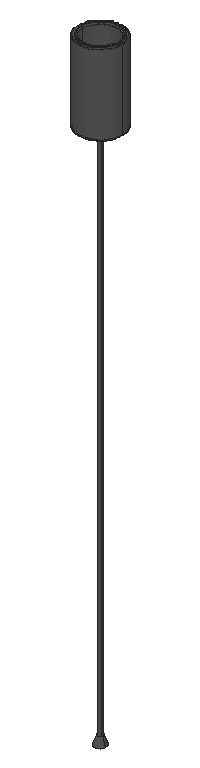
Revit family "CARLO CYLINDER LIGHT Pendant_ Surface", category Lighting Fixtures, host Face, Revit 2020 (continued)
Types (13): name | Wattage_Input | Wattage Comments | Wattage | built-in parameter 1150134 | Size 08 | Size 04 | Photometric Web File | built-in parameter 1150142 | Model | built-in parameter 1150105 | Lumens | built-in parameter 1150107 | built-in parameter 1150106 | Fixture Height | Fixture Diameter | BEAMING ANGLE | Apparent Load
  CCL6-08-30SPSW8-25-PSM-BK | 30 W | "18W/24W/30W" | 15.1472 W | (empty or 0) | yes | no | "CCL6_30W_2700K_25__.IES" | "IESNA:LM-63-2002\r\n[TEST] CCL6 30W 2700K 25¡ã\r\n[TESTLAB] EVERFINE\r\n[TESTDATE] 2024-03-09\r\n[ISSUEDATE] 2024-05-21 14:55:27\r\n[NEARFIELD] \r\n[LAMPPOSITION] 0,0\r\n[OTHER] EVERFINE GO-2000B_V1 SYSTEM\r\n[MANUFAC] Aboveall lighting\r\nTILT=NONE\r\n1 2336.6 1 181 17 1 2 -0.103 -0.103 0.000\r\n1.000 1 28.4535\r\n0.0    1.0    2.0    3.0    4.0    5.0    6.0    7.0    8.0    9.0    \r\n 10.0   11.0   12.0   13.0   14.0   15.0   16.0   17.0   18.0   19.0   \r\n 20.0   21.0   22.0   23.0   24.0   25.0   26.0   27.0   28.0   29.0   \r\n 30.0   31.0   32.0   33.0   34.0   35.0   36.0   37.0   38.0   39.0   \r\n 40.0   41.0   42.0   43.0   44.0   45.0   46.0   47.0   48.0   49.0   \r\n 50.0   51.0   52.0   53.0   54.0   55.0   56.0   57.0   58.0   59.0   \r\n 60.0   61.0   62.0   63.0   64.0   65.0   66.0   67.0   68.0   69.0   \r\n 70.0   71.0   72.0   73.0   74.0   75.0   76.0   77.0   78.0   79.0   \r\n 80.0   81.0   82.0   83.0   84.0   85.0   86.0   87.0   88.0   89.0   \r\n 90.0   91.0   92.0   93.0   94.0   95.0   96.0   97.0   98.0   99.0   \r\n 100.0  101.0  102.0  103.0  104.0  105.0  106.0  107.0  108.0  109.0  \r\n 110.0  111.0  112.0  113.0  114.0  115.0  116.0  117.0  118.0  119.0  \r\n 120.0  121.0  122.0  123.0  124.0  125.0  126.0  127.0  128.0  129.0  \r\n 130.0  131.0  132.0  133.0  134.0  135.0  136.0  137.0  138.0  139.0  \r\n 140.0  141.0  142.0  143.0  144.0  145.0  146.0  147.0  148.0  149.0  \r\n 150.0  151.0  152.0  153.0  154.0  155.0  156.0  157.0  158.0  159.0  \r\n 160.0  161.0  162.0  163.0  164.0  165.0  166.0  167.0  168.0  169.0  \r\n 170.0  171.0  172.0  173.0  174.0  175.0  176.0  177.0  178.0  179.0  \r\n 180.0  \r\n0.0    22.5   45.0   67.5   90.0   112.5  135.0  157.5  180.0  202.5  \r\n 225.0  247.5  270.0  292.5  315.0  337.5  360.0  \r\n8108.6 8106.1 8054.1 7913.9 7696.5 7386 7020.9 6595.3 6091 5553.7 \r\n 4985.4 4423.3 3869.3 3345.3 2857.9 2412.8 2038.2 1740.1 1500.1 1316.4 \r\n 1168 1073.2 997.87 941.71 896.63 862.19 834.47 811.51 794.94 781.38 \r\n 771.48 760.46 748.14 738.64 728.57 721.13 716.35 711.25 699.79 668.64 \r\n 613.21 542.7 464.47 382.74 299.42 223.84 154.18 108.3 62.673 51.743 \r\n 43.55 35.49 29.783 25.613 22.554 19.137 16.142 13.438 10.765 8.6235 \r\n 6.5471 5.0348 3.9752 3.1825 2.6464 2.2283 1.9462 1.7331 1.5762 1.4397 \r\n 1.3352 1.2468 1.1589 1.0747 0.99849 0.92235 0.85017 0.782 0.71388 0.65368 \r\n 0.59357 0.53743 0.48132 0.42933 0.38911 0.33321 0.28898 0.17363 0.1089 0.01706 \r\n 0.0001761 0 0 0 0 0 0 0 0 0 \r\n 0 0 0.015852 0.043773 0.075788 0.11578 0.15179 0.19972 0.25572 0.30787 \r\n 0.3758 0.43996 0.50408 0.57216 0.64424 0.7243 0.80048 0.88828 0.97248 1.0566 \r\n 1.1447 1.2408 1.333 1.4331 1.5452 1.6614 1.7776 1.9017 2.0493 2.1976 \r\n 2.3617 2.5458 2.746 2.9701 3.2143 3.4706 3.7548 4.075 4.4154 4.7759 \r\n 5.1514 5.5478 5.9564 6.4008 6.8416 7.2864 7.7391 8.184 8.6288 9.0578 \r\n 9.4588 9.8545 10.227 10.584 10.905 11.206 11.483 11.736 11.968 12.189 \r\n 12.385 12.57 12.758 12.891 13.023 13.127 13.2 13.252 13.277 13.277 \r\n 13.237 13.157 13.046 12.93 12.806 12.677 12.565 12.512 12.484 12.491 \r\n 12.504 \r\n8108.6 8108.1 8100.6 8002.5 7825.1 7562 7234.7 6841.6 6377.4 5855.5 \r\n 5303.3 4727.8 4152.6 3615.6 3105 2662.7 2221.4 1884.2 1626.3 1418.6 \r\n 1255.7 1132 1042.8 975.1 922.53 877.66 843.45 816.15 798.77 783.41 \r\n 771.05 763.92 753.99 745.36 737.12 734.57 729.37 723.48 711.82 694.1 \r\n 647.78 583.14 509.99 423.53 344.84 264.78 184.88 123.72 78.385 57.351 \r\n 48.419 40.316 33.06 28.687 25.218 21.928 18.552 15.497 12.793 10.176 \r\n 7.9875 6.1365 4.7463 3.8029 3.093 2.573 2.1772 1.9012 1.6853 1.5253 \r\n 1.3971 1.2773 1.201 1.105 1.0248 0.94489 0.86475 0.7847 0.71657 0.64842 \r\n 0.57642 0.52029 0.46014 0.39617 0.34805 0.29607 0.25602 0.20354 0.099598 0.02782 \r\n 0 0 0 0 0 0 0 0 0.000030 0.0040987 \r\n 0.01612 0.028175 0.044238 0.064343 0.09243 0.12456 0.16471 0.2128 0.26092 0.31293 \r\n 0.37304 0.43321 0.5013 0.56552 0.64159 0.70985 0.79401 0.87808 0.95434 1.0425 \r\n 1.1344 1.2226 1.3108 1.411 1.5113 1.6235 1.7398 1.8641 1.9965 2.1408 \r\n 2.2933 2.4697 2.6497 2.8622 3.0908 3.3394 3.6042 3.9049 4.2217 4.5705 \r\n 4.9313 5.3162 5.7211 6.1409 6.5776 7.0146 7.4714 7.9202 8.3689 8.8056 \r\n 9.2301 9.6267 10.019 10.38 10.731 11.047 11.332 11.596 11.848 12.073 \r\n 12.285 12.493 12.673 12.829 12.977 13.089 13.173 13.217 13.213 13.192 \r\n 13.148 13.084 12.983 12.859 12.723 12.603 12.499 12.435 12.436 12.464 \r\n 12.504 \r\n8108.6 8094.3 8092.3 8009.8 7847.1 7598.9 7274 6892.7 6438.5 5925.1 \r\n 5372.8 4798.7 4231.5 3680.5 3170 2689.9 2263.8 1922.1 1647.3 1433.6 \r\n 1264.3 1155.5 1047.4 977.69 924.27 883.4 849.4 821.85 802.73 787.94 \r\n 774.4 761.88 750.65 741.86 735.94 736.18 733.89 731.06 721.39 700.9 \r\n 660.51 599.23 524.47 443.86 364.21 279.83 203.43 129.22 81.216 58.084 \r\n 47.901 38.871 31.996 27.476 24.168 20.913 17.881 14.943 12.351 9.873 \r\n 7.7494 6.023 4.6521 3.6695 2.9768 2.4974 2.1077 1.8497 1.6567 1.5198 \r\n 1.3915 1.295 1.2149 1.1269 1.0585 0.98244 0.91422 0.83026 0.76195 0.68987 \r\n 0.62566 0.55758 0.49342 0.43739 0.39316 0.34513 0.31287 0.2729 0.18134 0.08125 \r\n 0.0008805 0 0 0 0 0 0 0 0 0 \r\n 0 0 0 0.01982 0.039856 0.079722 0.1276 0.15986 0.20774 0.26375 \r\n 0.31985 0.38387 0.45591 0.51616 0.58816 0.66029 0.74431 0.81637 0.89245 0.98442 \r\n 1.0687 1.1607 1.245 1.345 1.4531 1.5573 1.6774 1.7936 1.9293 2.0735 \r\n 2.2335 2.4017 2.5898 2.794 3.0261 3.2744 3.5387 3.8309 4.1552 4.4917 \r\n 4.8511 5.2434 5.6242 6.0485 6.4851 6.9219 7.3785 7.8195 8.2682 8.7012 \r\n 9.122 9.51 9.8868 10.256 10.593 10.905 11.202 11.467 11.712 11.94 \r\n 12.161 12.357 12.545 12.698 12.842 12.959 13.032 13.084 13.104 13.105 \r\n 13.077 13.009 12.897 12.778 12.649 12.513 12.389 12.292 12.248 12.239 \r\n 12.504 \r\n8108.6 8073.9 8068.5 7997.6 7844 7602.3 7277.6 6905.2 6464.8 5952.5 \r\n 5413.4 4837.9 4271.9 3740 3226.5 2774.6 2323.6 1968.8 1693.1 1468.2 \r\n 1288.3 1152.2 1051.7 980.03 928.07 888.24 856.68 832.1 813.52 798.75 \r\n 786.33 775.86 765.45 755.77 747.17 741.77 737.54 733.57 724.06 704.77 \r\n 657.31 598.94 529.01 450.14 367.65 287.88 208.2 140.23 82.971 56.482 \r\n 47.054 38.64 31.646 27.294 24.012 20.681 17.696 14.802 12.238 9.7682 \r\n 7.6288 5.9729 4.6544 3.7308 3.021 2.513 2.1293 1.8652 1.6493 1.5013 \r\n 1.3773 1.2773 1.2011 1.117 1.0369 0.96501 0.8968 0.81675 0.74853 0.66848 \r\n 0.60029 0.52433 0.46815 0.40434 0.37232 0.34434 0.32445 0.31538 0.16774 0.099356 \r\n 0 0 0 0 0 0 0 0 0 0.000062 \r\n 0.0081079 0.020195 0.040231 0.060337 0.088388 0.11651 0.15265 0.19685 0.25287 0.30088 \r\n 0.35702 0.41719 0.48525 0.54549 0.62159 0.69376 0.7699 0.84607 0.92629 1.0144 \r\n 1.1024 1.1945 1.2827 1.371 1.4752 1.5874 1.6997 1.82 1.9524 2.0928 \r\n 2.2492 2.4176 2.6016 2.8021 3.0267 3.2712 3.5281 3.8287 4.1376 4.4823 \r\n 4.8352 5.2159 5.605 6.0286 6.4575 6.8944 7.351 7.784 8.2326 8.6652 \r\n 9.0779 9.4825 9.8709 10.231 10.579 10.903 11.196 11.472 11.712 11.949 \r\n 12.173 12.377 12.569 12.737 12.885 13.001 13.085 13.121 13.124 13.104 \r\n 13.056 12.975 12.867 12.746 12.579 12.458 12.338 12.251 12.239 12.267 \r\n 12.504 \r\n8108.6 8226.6 8224.6 8155.5 8042.9 7819.6 7496.3 7122.9 6714.9 6236 \r\n 5692 5142.2 4572 4016.3 3485.5 2991 2569.9 2150.2 1847.8 1593.4 \r\n 1391.4 1233.3 1120.4 1035.4 966.56 917.05 880.96 854.2 832.48 813.75 \r\n 796.91 787.97 778.87 767.43 761.94 753.27 745.84 740.28 729.53 709.13 \r\n 661.49 598.57 523.94 448.01 367.31 288.36 212.53 136.93 82.425 57.023 \r\n 47.846 40.538 33.699 28.539 24.876 21.536 18.365 15.422 12.747 10.203 \r\n 8.0597 6.3054 4.9518 3.9892 3.2759 2.756 2.3367 2.0567 1.825 1.661 \r\n 1.521 1.4051 1.3091 1.2289 1.1448 1.0689 0.98868 0.90465 0.83239 0.74838 \r\n 0.6762 0.6002 0.53608 0.47197 0.4082 0.37218 0.34001 0.28734 0.17957 0.11097 \r\n 0 0 0 0 0 0 0.000100 0.0080125 0.0080534 0.012102 \r\n 0.020203 0.036144 0.044293 0.06442 0.092424 0.11652 0.14476 0.18884 0.23297 0.28097 \r\n 0.3331 0.3892 0.44535 0.50568 0.58564 0.64985 0.72203 0.79826 0.88237 0.96261 \r\n 1.0505 1.1388 1.2348 1.3191 1.4194 1.5277 1.6399 1.7522 1.8805 2.0129 \r\n 2.1532 2.3013 2.4737 2.6503 2.8547 3.0674 3.3041 3.5648 3.8456 4.1504 \r\n 4.4753 4.8322 5.2051 5.5928 5.9938 6.4227 6.8636 7.3124 7.7613 8.2099 \r\n 8.6468 9.0873 9.5037 9.8964 10.288 10.66 11.013 11.337 11.646 11.954 \r\n 12.218 12.49 12.727 12.951 13.138 13.29 13.426 13.522 13.561 13.577 \r\n 13.557 13.508 13.419 13.279 13.147 13.011 12.891 12.808 12.764 12.768 \r\n 12.504 \r\n8108.6 8185.4 8156.7 8053.9 7889.7 7625.5 7304.2 6947.6 6506.1 6025.9 \r\n 5491.5 4920.3 4366.6 3822.9 3319.3 2821.9 2389.1 2034.5 1745.1 1508.6 \r\n 1323.4 1183 1096.3 1010 953.01 908.74 875.9 851.83 830.91 816.63 \r\n 803.62 794.04 785.18 776.76 769.46 761.88 754.51 744.89 733.12 694.96 \r\n 634.25 562.66 481.72 404.36 322.55 245.45 172.54 120.15 67.922 53.021 \r\n 45.448 38.451 32.692 27.597 24.223 20.869 17.809 14.819 12.203 9.7856 \r\n 7.7391 6.0143 4.7197 3.8025 3.123 2.6483 2.2827 2.0054 1.8084 1.6558 \r\n 1.5274 1.4111 1.3269 1.2388 1.1546 1.0665 0.99023 0.90615 0.83788 0.76181 \r\n 0.70157 0.63749 0.57735 0.50551 0.45321 0.40509 0.34906 0.24532 0.18084 0.057142 \r\n 0.0044355 0.000032 0 0 0 0 0 0 0 0 \r\n 0 0.003973 0.0079803 0.027887 0.059851 0.083956 0.1238 0.16784 0.20795 0.25993 \r\n 0.31203 0.37604 0.44015 0.49235 0.56432 0.63645 0.70858 0.78051 0.86454 0.9606 \r\n 1.0449 1.129 1.2251 1.3133 1.4134 1.5175 1.6337 1.7499 1.8777 2.0099 \r\n 2.154 2.3062 2.4863 2.6626 2.8747 3.0871 3.3313 3.6035 3.8959 4.2043 \r\n 4.5478 4.9003 5.2807 5.6773 6.0899 6.5225 6.9553 7.396 7.8408 8.2896 \r\n 8.7185 9.154 9.5551 9.9439 10.333 10.69 11.026 11.343 11.636 11.928 \r\n 12.193 12.43 12.669 12.854 13.031 13.191 13.288 13.372 13.421 13.429 \r\n 13.421 13.357 13.269 13.17 13.05 12.925 12.813 12.749 12.704 12.7 \r\n 12.504 \r\n8108.6 8128.9 8087.2 7958.2 7749.1 7466.5 7130.6 6757.5 6299.6 5797.4 \r\n 5244.9 4687.5 4141 3622.4 3124.9 2685.3 2246.9 1905.8 1647.5 1434.2 \r\n 1265.7 1139.9 1048.9 982.72 930.29 892.27 862.22 839.15 819.95 803.78 \r\n 791.57 780.74 772.42 764.53 756.9 749.68 740.55 729.6 707.41 656.93 \r\n 597.13 529.6 450.82 365.72 287.13 220.49 153.94 95.403 65.037 55.081 \r\n 46.921 39.37 33.9 27.864 24.394 20.898 17.672 14.733 12.031 9.6342 \r\n 7.5046 5.8935 4.6006 3.7491 3.0596 2.5442 2.1766 1.9129 1.7169 1.553 \r\n 1.4289 1.313 1.2247 1.1208 1.0407 0.96863 0.88051 0.79657 0.73237 0.66033 \r\n 0.59626 0.53615 0.47599 0.41202 0.36007 0.3198 0.26337 0.16029 0.16253 0 \r\n 0 0 0 0 0 0.000049 0.0039564 0.0001522 0.0121 0.020157 \r\n 0.032136 0.040325 0.064324 0.084452 0.11255 0.14465 0.18082 0.22485 0.26512 0.32103 \r\n 0.37325 0.43732 0.49747 0.56159 0.62584 0.70198 0.77812 0.85435 0.93845 1.0187 \r\n 1.1107 1.2028 1.295 1.3834 1.4954 1.5918 1.7081 1.8284 1.9607 2.097 \r\n 2.2374 2.3935 2.57 2.7625 2.975 3.1956 3.4323 3.6972 3.998 4.3186 \r\n 4.6438 5.0125 5.3896 5.7973 6.2104 6.6552 7.1 7.5528 7.9974 8.4263 \r\n 8.8628 9.2795 9.6878 10.065 10.452 10.808 11.133 11.461 11.741 12.018 \r\n 12.27 12.51 12.742 12.922 13.094 13.226 13.317 13.381 13.377 13.376 \r\n 13.316 13.236 13.139 13.027 12.899 12.791 12.679 12.616 12.608 12.628 \r\n 12.504 \r\n8108.6 8070.3 7947.7 7749.6 7485.7 7132.8 6741.5 6295.3 5783.4 5245.6 \r\n 4678.8 4136.5 3600.5 3097.3 2634.7 2222.4 1888.5 1623 1414.2 1246.4 \r\n 1143.3 1040.8 975.04 926.75 889.85 860.23 837.59 818.94 802.39 789.8 \r\n 778.36 768.19 758.93 746.62 735.1 723.24 709.91 690.72 655.39 598.35 \r\n 523.08 452.95 375.82 305.94 231.88 165.92 122.15 78.568 64.707 55.609 \r\n 47.692 39.531 32.663 27.867 24.166 20.313 17.149 14.023 11.263 8.9196 \r\n 6.9731 5.4395 4.3333 3.4853 2.9336 2.5077 2.1822 1.953 1.7683 1.6316 \r\n 1.4994 1.379 1.2869 1.1908 1.0906 0.99444 0.91017 0.83396 0.7618 0.68569 \r\n 0.61751 0.55733 0.50518 0.43736 0.37717 0.33294 0.22932 0.18071 0.061143 0.0044822 \r\n 0.000033 0 0 0 0 0 0 0 0 0 \r\n 0.003972 0.015925 0.035895 0.055931 0.087895 0.11995 0.16779 0.21191 0.26393 0.31205 \r\n 0.37999 0.44414 0.50429 0.5644 0.6404 0.71257 0.78867 0.87254 0.95669 1.0369 \r\n 1.1289 1.2251 1.3133 1.4134 1.5175 1.6336 1.7538 1.886 2.0178 2.166 \r\n 2.3222 2.4983 2.6865 2.8947 3.1269 3.3713 3.6396 3.9398 4.2603 4.6007 \r\n 4.9642 5.3408 5.7452 6.1619 6.6025 7.0353 7.484 7.9328 8.3737 8.8065 \r\n 9.2234 9.6311 10.012 10.381 10.726 11.054 11.347 11.64 11.912 12.161 \r\n 12.386 12.602 12.79 12.947 13.079 13.176 13.24 13.272 13.285 13.285 \r\n 13.213 13.117 13.001 12.877 12.753 12.641 12.56 12.528 12.52 12.543 \r\n 12.504 \r\n8108.6 8025.8 7859.6 7633.7 7324.9 6974.5 6544.9 6073.1 5542.4 4996.7 \r\n 4441.9 3890.7 3366.7 2884.2 2446.1 2060 1760.7 1517.2 1329.3 1183.6 \r\n 1075.7 998.45 942.91 900.98 869.37 845.84 827.22 812.54 799.26 788.07 \r\n 778.51 769.72 762.17 753.97 746.03 737.75 725.87 701.41 647.63 585.95 \r\n 515.63 437.35 354.97 276.26 197.68 130.81 80.419 60.373 52.929 45.579 \r\n 38.859 33.172 27.718 24.124 20.779 17.592 14.594 11.967 9.524 7.5157 \r\n 5.8026 4.5919 3.6621 3.0511 2.6006 2.2567 1.985 1.7851 1.6291 1.5009 \r\n 1.3771 1.285 1.1968 1.1086 1.0204 0.92464 0.84454 0.76831 0.68425 0.60824 \r\n 0.54422 0.48812 0.43192 0.36766 0.29197 0.25114 0.15164 0.091199 0 0 \r\n 0 0 0 0 0 0.00019567 0.016025 0.016076 0.020195 0.03614 \r\n 0.044326 0.068325 0.088496 0.12051 0.14865 0.18486 0.233 0.28509 0.33723 0.39322 \r\n 0.45333 0.51348 0.57764 0.64585 0.72195 0.79422 0.87832 0.95852 1.0427 1.1309 \r\n 1.2228 1.311 1.4033 1.5116 1.6238 1.7401 1.8604 1.9888 2.1291 2.2736 \r\n 2.4421 2.6221 2.8187 3.0392 3.2758 3.5246 3.8094 4.1142 4.4472 4.8078 \r\n 5.1649 5.5578 5.9668 6.3983 6.8233 7.268 7.705 8.1536 8.5903 9.019 \r\n 9.4354 9.824 10.208 10.561 10.908 11.221 11.513 11.793 12.05 12.298 \r\n 12.522 12.734 12.902 13.058 13.174 13.265 13.309 13.301 13.292 13.24 \r\n 13.143 13.031 12.882 12.734 12.59 12.475 12.407 12.404 12.444 12.508 \r\n 12.504 \r\n8108.6 7958.8 7764 7495 7145.8 6757.5 6311.8 5805.4 5270.1 4718.2 \r\n 4164.7 3632.9 3122.2 2654.4 2242.4 1903.6 1631.1 1416 1248.8 1143.4 \r\n 1038.5 970.67 919.08 880.33 851.25 828.05 811.08 796.15 782.96 770.91 \r\n 761.21 752.91 745.57 739.16 732.87 723.48 705.36 669.05 615.68 547.75 \r\n 468.01 389.46 305.65 229.52 157.35 112.03 66.929 56.09 48.699 41.255 \r\n 35.214 29.12 25.053 21.724 18.465 15.418 12.778 10.229 8.1052 6.2717 \r\n 4.9056 3.896 3.156 2.6806 2.311 2.0177 1.8166 1.648 1.5274 1.4032 \r\n 1.3068 1.2106 1.1345 1.0425 0.96623 0.88215 0.80594 0.7298 0.64572 0.56951 \r\n 0.51722 0.45718 0.40502 0.3372 0.29685 0.22107 0.15287 0.060921 0.0044959 0.000034 \r\n 0 0 0 0 0 0 0 0 0 0.003971 \r\n 0.015922 0.03589 0.063874 0.091925 0.1319 0.17993 0.21995 0.27193 0.32799 0.38806 \r\n 0.45611 0.51629 0.58435 0.65247 0.72854 0.80865 0.88482 0.96869 1.0528 1.1489 \r\n 1.2411 1.3293 1.4373 1.5415 1.6537 1.7738 1.906 2.0462 2.186 2.3501 \r\n 2.5263 2.7105 2.9266 3.147 3.4071 3.6755 3.9758 4.2962 4.6526 5.0132 \r\n 5.3848 5.7813 6.2137 6.6425 7.0792 7.5081 7.9528 8.3896 8.8145 9.2273 \r\n 9.6202 10.004 10.365 10.706 11.022 11.319 11.592 11.852 12.093 12.325 \r\n 12.526 12.715 12.855 12.979 13.072 13.132 13.164 13.161 13.137 13.061 \r\n 12.953 12.837 12.705 12.557 12.433 12.328 12.276 12.251 12.259 12.343 \r\n 12.504 \r\n8108.6 7948.7 7739.3 7459.7 7110.2 6713 6254.6 5751.9 5206.3 4665.8 \r\n 4115.2 3583.5 3079.4 2650.4 2222.5 1888.7 1625 1406.8 1243.2 1116.3 \r\n 1024 956.2 904.62 865.53 837.57 816.52 799.88 785.04 772.99 763.1 \r\n 754.35 748.47 743.19 738.2 731.55 722.39 705.8 675.56 614.66 541.41 \r\n 462.3 382.85 300.37 224.9 149.69 98.299 64.39 53.475 46.068 37.184 \r\n 31.312 26.311 22.934 19.637 16.668 13.808 11.368 9.0486 7.1211 5.5426 \r\n 4.3367 3.4937 2.855 2.4153 2.0646 1.8049 1.621 1.473 1.3529 1.2451 \r\n 1.1688 1.0807 0.99664 0.9205 0.84437 0.76844 0.69234 0.62029 0.55601 0.47613 \r\n 0.42002 0.36406 0.31989 0.26799 0.23143 0.15554 0.099154 0 0 0 \r\n 0 0 0 0 0 0.000098 0.0081622 0.020082 0.024242 0.044194 \r\n 0.056302 0.076426 0.10457 0.14063 0.17684 0.22492 0.27301 0.32125 0.3813 0.43733 \r\n 0.50149 0.56957 0.63377 0.70595 0.78213 0.86223 0.93856 1.0307 1.1188 1.2031 \r\n 1.3029 1.3912 1.4915 1.6037 1.7161 1.8403 1.9646 2.0971 2.2495 2.4139 \r\n 2.5865 2.7825 2.995 3.2197 3.4763 3.74
